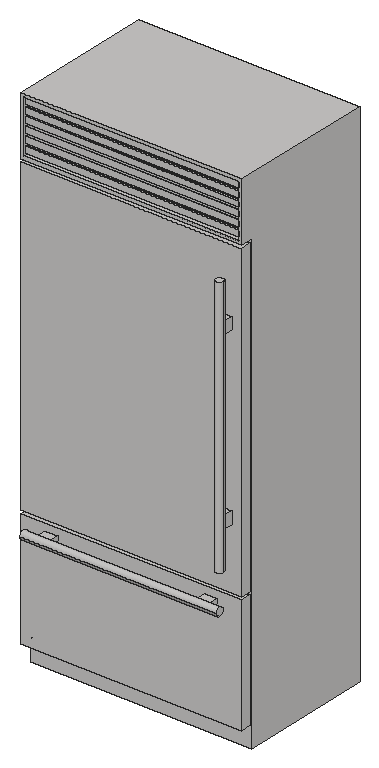
Revit family "099c95bdec384bc8af781ff9ae2b870c", category Specialty Equipment, Revit 2021
Family settings
  Round Connector Dimension = Use Diameter
  Part Type = Normal
  OmniClass Number = 23.40.40.14
  OmniClass Title = Food Service Equipment
  Work Plane-Based = No
  Always vertical = Yes
  Cut with Voids When Loaded = No
  Shared = No
  Room Calculation Point = No
Parameters (values of type "36" LH")
  Width = 3' - 0"
  Wall Offset = 0' - 4"
  Voltage = 120 V
  Show Label = yes
  RH = no
  Power Consumption = 1000 VA
  Label = "Refrigerator"
  LH = not(RH)  # yes
  Height = 7' - 0"
  Handle Centerline = if(RH, 0' 2", (Width - 0' 2"))  # 2' - 10"
  Gasket = Appliance - Gasket
  Description = "Over-and-Under Refrigerator"
  Depth = 2' - 0"
  Default Elevation = 0' - 0"
  Assembly Code = "E1090320"
  Appliance Finish = Appliance - Stainless Steel
  Amperage = Power Consumption / Voltage  # 8.33333 A
Types (2): name | RH | LH | Handle Centerline
  36" LH | no | yes | 2' - 10"
  36" RH | yes | no | 0' - 2"
Reference planes (in)
  plane 1 "Back": y = 0
  plane 2: z = 0
  plane 3 "Center (Left/Right)": x = 0
  plane 4 "Left": x = -18
  plane 5 "Right": x = 18
  plane 6: y = -4
  plane 7 "Front": y = -28
  plane 8 "Door Back": y = -26
  plane 9 "Top": z = 84
  plane 10 "B.O. Door": z = 3.5
  plane 11: z = 74.375
  plane 12: x = 16
  plane 13: z = 69.375
  plane 14: z = 27
  plane 15: z = 23
  plane 16: z = 21
Forms (in)
  Extrusion 1, solid, material "Appliance - Stainless Steel" <- "Appliance Finish"
    sketch origin (0, 0, 0) x (1, 0, 0) y (0, 1, 0)
      loop
        line (-18, -4) -> (-18, -26) -> (18, -26) -> (18, -4) -> (-18, -4)
    from 0 to 84
  Extrusion 2, solid, material "Appliance - Stainless Steel" <- "Appliance Finish"
    sketch origin (0, -28, 0) x (-1, 0, 0) y (0, 0, 1)
      loop
        line (18, 84) -> (-18, 84) -> (-18, 74.375) -> (18, 74.375) -> (18, 84)
      loop
        line (17.5, 83.5) -> (-17.5, 83.5) -> (-17.5, 74.875) -> (17.5, 74.875) -> (17.5, 83.5)
    from 0 to 2
  Extrusion 3, solid, material "Appliance - Stainless Steel" <- "Appliance Finish"
    sketch origin (0, 0, 0) x (0, 1, 0) y (0, 0, 1)
      loop
        line (-26, 75.00892) -> (-27.75, 75.47783) -> (-27.75, 76.3774) -> (-27.875, 76.3774) -> (-27.875, 75.3774) -> (-26, 74.875) -> (-26, 75.00892)
      loop
        line (-26, 76.43344) -> (-27.75, 76.90235) -> (-27.75, 77.80192) -> (-27.875, 77.80192) -> (-27.875, 76.80192) -> (-26, 76.29952) -> (-26, 76.43344)
      loop
        line (-26, 77.85796) -> (-27.75, 78.32687) -> (-27.75, 79.22644) -> (-27.875, 79.22644) -> (-27.875, 78.22644) -> (-26, 77.72404) -> (-26, 77.85796)
      loop
        line (-26, 79.28248) -> (-27.75, 79.75139) -> (-27.75, 80.65096) -> (-27.875, 80.65096) -> (-27.875, 79.65096) -> (-26, 79.14856) -> (-26, 79.28248)
      loop
        line (-26, 80.707) -> (-27.75, 81.17591) -> (-27.75, 82.07548) -> (-27.875, 82.07548) -> (-27.875, 81.07548) -> (-26, 80.57308) -> (-26, 80.707)
      loop
        line (-26, 82.13151) -> (-27.75, 82.60043) -> (-27.75, 83.5) -> (-27.875, 83.5) -> (-27.875, 82.5) -> (-26, 81.9976) -> (-26, 82.13151)
    from -17.5 to 17.5
  Extrusion 4, solid, material "Appliance - Stainless Steel" <- "Appliance Finish", detail levels fine
    sketch origin (0, -28, 0) x (-1, 0, 0) y (0, 0, 1)
      loop
        line (-15.625, 63.375) -> (-16.375, 63.375) -> (-16.375, 61.375) -> (-15.625, 61.375) -> (-15.625, 63.375)
      loop
        line (-15.625, 35) -> (-16.375, 35) -> (-16.375, 33) -> (-15.625, 33) -> (-15.625, 35)
    from -1.67554 to 0
  Extrusion 5, solid, material "Appliance - Stainless Steel" <- "Appliance Finish", detail levels fine
    sketch origin (0, 0, 0) x (1, 0, 0) y (0, 1, 0)
      loop
        circle (16, -30.01473) r 0.625
    from 27 to 69.375
  Extrusion 6, solid, material "Appliance - Stainless Steel" <- "Appliance Finish"
    sketch origin (0, -28, 0) x (-1, 0, 0) y (0, 0, 1)
      loop
        line (18, 73.875) -> (-18, 73.875) -> (-18, 23) -> (18, 23) -> (18, 73.875)
      loop
        line (18, 22.5) -> (-18, 22.5) -> (-18, 3.5) -> (18, 3.5) -> (18, 22.5)
    from 0 to 1.75
  Extrusion 7, solid, material "Appliance - Stainless Steel" <- "Appliance Finish", detail levels fine
    sketch origin (0, -28, 0) x (-1, 0, 0) y (0, 0, 1)
      loop
        line (14, 21.375) -> (12, 21.375) -> (12, 20.625) -> (14, 20.625) -> (14, 21.375)
      loop
        line (-14, 21.375) -> (-14, 20.625) -> (-12, 20.625) -> (-12, 21.375) -> (-14, 21.375)
    from 0 to -1.67578
  Extrusion 8, solid, material "Appliance - Stainless Steel" <- "Appliance Finish", detail levels fine
    sketch origin (0, 0, 0) x (0, 1, 0) y (0, 0, 1)
      loop
        circle (-30.01473, 21) r 0.625
    from -16 to 16
  Sweep 9, solid, material "Appliance - Gasket" <- "Gasket", detail levels fine
    path in 3D
      loop
        line (-18, -28, 73.875) -> (-18, -28, 23) -> (18, -28, 23) -> (18, -28, 73.875) -> (-18, -28, 73.875)
    profile origin (0, -28, 73.875) x (0, -1, 0) y (0, 0, 1)
      loop
        arc (-1.75, -0.125) -> (-1.875, 0) -> (-2, -0.125) r 0.125
        line (-2, -0.125) -> (-2, -0.25) -> (-1.75, -0.25) -> (-1.75, -0.125)
  Sweep 10, solid, material "Appliance - Gasket" <- "Gasket", detail levels fine
    path in 3D
      loop
        line (-18, -28, 22.5) -> (-18, -28, 3.5) -> (18, -28, 3.5) -> (18, -28, 22.5) -> (-18, -28, 22.5)
    profile origin (0, -28, 22.5) x (0, -1, 0) y (0, 0, 1)
      loop
        arc (-1.75, -0.125) -> (-1.875, 0) -> (-2, -0.125) r 0.125
        line (-2, -0.125) -> (-2, -0.25) -> (-1.75, -0.25) -> (-1.75, -0.125)
Cuts and joins
  joined: Extrusion 1, Extrusion 2
  joined: Extrusion 4, Extrusion 5
  joined: Extrusion 7, Extrusion 8
Lines and regions (in)
  Split face 1
    outline origin (-18, -4, 0) x (1, 0, 0) y (0, 0, -1)
      loop
        circle (30, -78) r 2
  Split face 2
    outline origin (-18, -4, 0) x (1, 0, 0) y (0, 0, -1)
      loop
        circle (18, -3.5) r 2
  Masking region 1
    outline origin (0, 0, 0) x (1, 0, 0) y (0, 1, 0)
      loop
        line (-18, -4) -> (-18, -28) -> (18, -28) -> (18, -4) -> (-18, -4)
  Masking region 2, detail levels fine
    outline origin (0, 0, 0) x (1, 0, 0) y (0, 1, 0)
      loop
        line (16.375, -29.51473) -> (16.375, -28) -> (15.625, -28) -> (15.625, -29.51473)
        arc (15.625, -29.51473) -> (15.44098, -29.73522) -> (15.375, -30.01473) r 0.625
        arc (15.375, -30.01473) -> (16, -30.63973) -> (16.625, -30.01473) r 0.625
        arc (16.625, -30.01473) -> (16.55902, -29.73522) -> (16.375, -29.51473) r 0.625
  symbolic lines, style "Appliances - Plan Swing", visible <- "LH", detail levels medium+fine
    curve 1: arc (18, -28, 0) -> (7.45584, -53.45584, 0) -> (-18, -64, 0) r 36
    curve 2: line (-18, -28, 0) -> (-18, -64, 0)
  symbolic lines, style "Appliances - Plan Swing", visible <- "RH", detail levels medium+fine
    curve 3: arc (-18, -28, 0) -> (-7.45584, -53.45584, 0) -> (18, -64, 0) r 36
    curve 4: line (18, -64, 0) -> (18, -28, 0)
  sketch lines
    curve 5: line (18, -28, 73.875) -> (-18, -28, 73.875)
    curve 6: line (18, -28, 23) -> (18, -28, 73.875)
    curve 7: line (-18, -28, 23) -> (18, -28, 23)
    curve 8: line (-18, -28, 73.875) -> (-18, -28, 23)
    curve 9: line (18, -28, 22.5) -> (-18, -28, 22.5)
    curve 10: line (18, -28, 3.5) -> (18, -28, 22.5)
    curve 11: line (-18, -28, 3.5) -> (18, -28, 3.5)
    curve 12: line (-18, -28, 22.5) -> (-18, -28, 3.5)
  symbolic lines, style "Appliances"
    curve 13: line (-18, -4, 0) -> (18, -4, 0)
    curve 14: line (-18, -28, 0) -> (-18, -4, 0)
    curve 15: line (18, -28, 0) -> (-18, -28, 0)
    curve 16: line (18, -4, 0) -> (18, -28, 0)
    curve 17: line (-18, -26, 0) -> (18, -26, 0)
  symbolic lines, style "Appliances", detail levels fine
    curve 18: arc (15.375, -30.01473, 0) -> (16, -30.63973, 0) -> (16.625, -30.01473, 0) r 0.625
    curve 19: arc (16.625, -30.01473, 0) -> (16, -29.38973, 0) -> (15.375, -30.01473, 0) r 0.625
    curve 20: line (16.375, -29.51473, 0) -> (16.375, -28, 0)
    curve 21: line (15.625, -28, 0) -> (15.625, -29.51473, 0)
Dimensions and locks (in)
  equal spacing: plane 4 "Left", plane 3 "Center (Left/Right)", plane 5 "Right"
  "Width": plane 4 "Left" to plane 5 "Right"
  "Depth": plane 6 to plane 7 "Front"
  "Wall Offset": plane 1 "Back" to plane 6
  "Height": plane 9 "Top" to level
  plane 10 "B.O. Door" to level = 0' - 3 1/2"
  locked: plane 8 "Door Back" to plane 7 "Front" at 2
  locked: plane 9 "Top" to plane 11 at 9.625
  locked: cut or joined group of Extrusion 1, Extrusion 2 to plane 4 "Left" at 0.5
  locked: plane 5 "Right" to cut or joined group of Extrusion 1, Extrusion 2 at 0.5
  locked: plane 11 to plane 13 at 5
  plane 14 to plane 15 = 0' - 4"
  Extrusion 4 sketch curve to plane 12 to Extrusion 4 sketch curve = 0' - 0 3/8" locked, 0' - 0 3/8" locked  (x2)
  plane 13 to Extrusion 4 sketch curve to Extrusion 4 sketch curve = 0' - 6" locked, 0' - 2" locked
  Extrusion 4 sketch curve to Extrusion 4 sketch curve to plane 14 = 0' - 2" locked, 0' - 6" locked
  locked: plane 7 "Front" to Extrusion 5 sketch curve at 2.01473
  locked: Split face 1 sketch curve to plane 9 "Top" at 6
  locked: plane 5 "Right" to Split face 1 sketch curve at 6
  "Handle Centerline": plane 4 "Left" to plane 12
  locked: plane 15 to plane 10 "B.O. Door" at 19.5
  locked: plane 11 to Extrusion 6 sketch curve at 0.5
  locked: plane 15 to Extrusion 6 sketch curve at 0.5
  locked: plane 15 to plane 16 at 2
  Extrusion 7 sketch curve to plane 16 to Extrusion 7 sketch curve = 0' - 0 3/8" locked, 0' - 0 3/8" locked  (x2)
  Extrusion 7 sketch curve to Extrusion 7 sketch curve to plane 4 "Left" = 0' - 2" locked, 0' - 4"
  Extrusion 7 sketch curve to Extrusion 7 sketch curve to plane 5 "Right" = 0' - 2" locked, 0' - 4" locked
  locked: plane 8 "Door Back" to Extrusion 8 sketch curve at 4.01473
  locked: plane 5 "Right" to Extrusion 8 at 2
  locked: Extrusion 8 to plane 4 "Left" at 2
  locked: plane 11 to Sweep 9 sketch curve at 0.75
  locked: plane 15 to Sweep 10 sketch curve at 0.75
  equal spacing: plane 6, nested 1, plane 8 "Door Back"
  "Width": radius of curve 3
  "Width": radius of curve 1
  aligned and locked: plane 2 to level
  aligned and locked: Extrusion 1 sketch curve to plane 6
  aligned and locked: plane 4 "Left" to Extrusion 1 sketch curve
  aligned and locked: plane 8 "Door Back" to Extrusion 1 sketch curve
  aligned and locked: Extrusion 1 sketch curve to plane 5 "Right"
  aligned and locked: plane 9 "Top" to Extrusion 1
  aligned and locked: Extrusion 2 sketch curve to Extrusion 1  (x2)
  aligned and locked: plane 11 to Extrusion 2 sketch curve
  aligned and locked: Extrusion 2 sketch curve to plane 5 "Right"
  aligned and locked: plane 8 "Door Back" to Extrusion 2
  aligned and locked: Extrusion 3 to Extrusion 2  (x2)
  aligned and locked: plane 7 "Front" to Extrusion 4
  aligned and locked: plane 12 to Extrusion 5 sketch curve
  aligned and locked: Extrusion 5 to plane 14
  aligned and locked: plane 13 to Extrusion 5
  aligned and locked: plane 3 "Center (Left/Right)" to Split face 2 sketch curve
  aligned and locked: plane 10 "B.O. Door" to Split face 2 sketch curve
  aligned and locked: plane 13 to cut or joined group of Extrusion 4, Extrusion 5
  aligned and locked: plane 15 to Extrusion 6 sketch curve
  aligned and locked: plane 4 "Left" to Extrusion 6 sketch curve  (x2)
  aligned and locked: Extrusion 6 sketch curve to plane 5 "Right"  (x2)
  aligned and locked: plane 10 "B.O. Door" to Extrusion 6 sketch curve
  aligned and locked: plane 16 to Extrusion 8 sketch curve
  aligned and locked: curve 17 to plane 8 "Door Back"
  aligned and locked: plane 3 "Center (Left/Right)" to nested 1
  aligned and locked: Masking region 1 sketch curve to plane 6
  aligned and locked: plane 4 "Left" to Masking region 1 sketch curve
  aligned and locked: Masking region 1 sketch curve to plane 5 "Right"
  aligned and locked: plane 7 "Front" to Masking region 1 sketch curve
  aligned and locked: Masking region 2 sketch curve to cut or joined group of Extrusion 4, Extrusion 5  (x6)
Automatic sketch dimensions
  Extrusion 2 sketch curve to plane 5 "Right" = 0' - 0 1/2"
  plane 4 "Left" to Extrusion 2 sketch curve = 0' - 0 1/2"
  plane 11 to Extrusion 2 sketch curve = 0' - 0 1/2"
  Extrusion 2 sketch curve to plane 9 "Top" = 0' - 0 1/2"
  Extrusion 3 sketch curve to plane 8 "Door Back" = 0' - 0"  (x6)
  plane 7 "Front" to Extrusion 3 sketch curve = 0' - 0 1/4"  (x6)
  Extrusion 3 sketch curve to Extrusion 3 sketch curve = 0' - 0 1/8"  (x2)
  plane 7 "Front" to Extrusion 3 sketch curve = 0' - 0 1/8"  (x4)
  plane 11 to Extrusion 3 sketch curve = 0' - 0 1/2"
  Extrusion 3 sketch curve to Extrusion 3 sketch curve = 0' - 0.13392"  (x6)
  plane 11 to Extrusion 3 sketch curve = 0' - 1.0024"
  Extrusion 3 sketch curve to Extrusion 3 sketch curve = 0' - 0.10043"  (x6)
  Extrusion 3 sketch curve to Extrusion 3 sketch curve = 0' - 1.2906"  (x5)
  Extrusion 3 sketch curve to Extrusion 3 sketch curve = 0' - 0.89957"  (x5)
  Extrusion 3 sketch curve to Extrusion 3 sketch curve = 0' - 0.42452"  (x5)
  Extrusion 3 sketch curve to plane 9 "Top" = 0' - 0 1/2"
  profile plane to Sweep 9 sketch curve = 0' - 2"
  Sweep 9 sketch curve to Sweep 9 sketch curve = 0' - 0 1/8"
  Sweep 9 sketch curve to profile plane = 0' - 0 1/8"
  profile plane to Sweep 10 sketch curve = 0' - 2"
  Sweep 10 sketch curve to Sweep 10 sketch curve = 0' - 0 1/8"
  Sweep 10 sketch curve to profile plane = 0' - 0 1/8"
  curve 1 to plane 4 "Left" = 0' - 0"
  curve 21 to plane 7 "Front" = 0' - 0"
  curve 19 to plane 12 = 0' - 0"
  curve 13 to plane 6 = 0' - 0"
  curve 19 to plane 7 "Front" = 0' - 2.01473"
  curve 19 to plane 12 = 0' - 0 5/8"
  curve 21 to plane 12 = 0' - 0 3/8"
  plane 12 to curve 20 = 0' - 0 3/8"
  radius of Extrusion 5 sketch curve = 0' - 0 5/8"
  radius of Split face 1 sketch curve = 0' - 2"
  radius of Split face 2 sketch curve = 0' - 2"
  radius of Extrusion 8 sketch curve = 0' - 0 5/8"
Nested families (in)
  nested 1: "Label Annotation 3-32" at (0, -15, 0), visible <- "Show Label", type "Label Annotation 3-32"
Connectors (in)
  electrical at (12, -4, 78), driven by "Voltage", driven by "Power Consumption"
    settings: on Extrusion 1, index 1, voltage 120 V, apparent load 1000 VA, apparent load phase1 0 VA, apparent load phase2 0 VA, apparent load phase3 0 VA, power factor 1, load classification "Appliance", number of poles 1, system type 30, power factor state 1, is connector primary yes, connector utility no, sub classification motor no, connector description "Refrigerator Power"
  piping at (0, -4, 3.5), diameter 0.25
    settings: on Extrusion 1, index 2, connector inside diameter 24", connector length 0' - 0", flow factor 0, pipe flow 0 GPM, pressure drop 0.00 psi, fitting loss kfactor 0, connector angle 0.00°, fixture units 1, engagement length 0' - 0", angle of deflection 0.00°, flow configuration 3, flow direction 1, fitting loss method 0, system type 20, joint type 0, gender type 0, connector reference index -1, connector utility 0, adjustable connector no, is connector primary yes, connector description "Ice - Water Supply"
Definition of nested family "Label Annotation 3-32"
  Parameters
    Label = "Freezer 36 LH"
  Reference planes (in)
    plane 1: y = 0
    plane 2: x = 0
  Text (in)
    label "Label" at (0.00375, -0.00345, 0), shows "Label"
